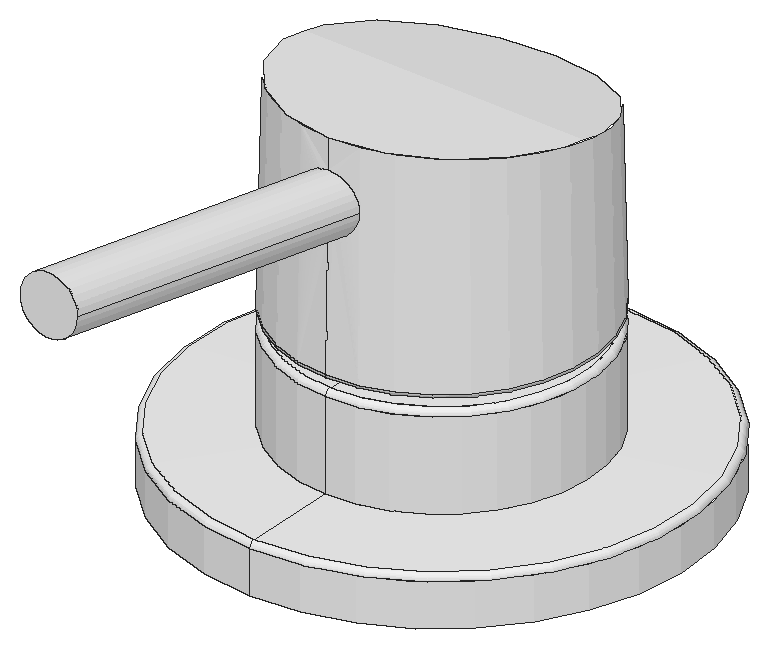
Revit family "Diverter_Trim-GROHE-Concetto_3-29106001", category Plumbing Fixtures, host Face, Revit 2014
Parameters (values of type "29106001")
  Width = 3 1/8"
  Waste Connection = no
  Warranty Information = "Limited Lifetime Warranty"
  WFU = 4
  Vent Connection = no
  URL = "http://www.grohe.com/"
  Type Comments = ""
  Tempered Water Connection Radius = Tempered Water Connection Diameter / 2  # 1/4"
  Tempered Water Connection Diameter = 1/2"
  Product Page URL = "https://www.grohe.ca/en_ca/grohe-concetto-3-way-diverter-trim-shower-head-hand-shower-tub-spout-29106001.html"
  Price = "Prices may vary. Please consult Manufacturer Representative for most up-to-date price list."  # constant formula
  Model = "29106001"
  Material = "Ceramic-Grohe-000-Starlight Chrome"
  Manufacturer = "GROHE"
  Length = 2 5/8"
  Installation Type = "Surface Mounted"
  IAPMO Compliance = "cUPC"
  Height = 4 13/16"
  HWFU = 3
  HW Connection = yes
  Finish = Metal-Grohe-000-Chrome
  Description = "Concetto 3-Way Diverter Trim (Shower head/Hand Shower/Tub Spout)"
  Default Elevation = 0"
  Creation Date = "11/1/2016"
  CWFU = 2
  CW Connection = yes
  Assembly Code = "D2020"
  ADA Compliant = yes
Reference planes (in)
  plane 1 "Center (Front/Back)": y = 0
  plane 2: z = 0
  plane 3 "Center (Left/Right)": x = 0
  plane 4: x = -2.15625
  plane 5: x = 0.96875
  plane 6: z = 2.62243
  plane 7: z = 2.24419
  plane 8: z = 2.43331
Forms (in)
  Revolve 1, solid, material "Metal-Grohe-000-Chrome" <- "Finish"
    sketch origin (0, 0, 0) x (0, 1, 0) y (0, 0, 1)
      loop
        line (1.5748, 0) -> (1.5748, 0.27495)
        arc (1.5748, 0.27495) -> (1.5633, 0.30303) -> (1.5354, 0.31497) r 0.04003
        arc (1.5354, 0.31497) -> (1.24505, 0.32018) -> (0.95472, 0.32677) r 60.83363
        line (0.95472, 0.32677) -> (0.95472, 0.89683)
        arc (0.95472, 0.89683) -> (0.94296, 0.92524) -> (0.91455, 0.93701) r 0.04017
        line (0.91455, 0.93701) -> (0.77437, 0.93701) -> (0.84646, 1.00191) -> (0.93054, 1.00191)
        arc (0.93054, 1.00191) -> (0.94758, 1.00907) -> (0.95439, 1.02625) r 0.02386
        line (0.95439, 1.02625) -> (0.91697, 2.85983) -> (0, 2.85983) -> (0, 0) -> (1.5748, 0)
      axis (0, 2.85983) -> (0, 0)
    angle from 0 to 360
  Extrusion 2, void
    sketch origin (0, 0, 0) x (0, 1, 0) y (0, 0, 1)
      loop
        line (1.07049, 2.03348) -> (1.07049, 3.08261) -> (-1.11716, 3.08261) -> (-1.11716, 2.4202)
        arc (-1.11716, 2.4202) -> (-0.00877, 2.30924) -> (1.07049, 2.03348) r 7.4149
    from -1.14314 to 1.2829
  Extrusion 3, solid, material "Metal-Grohe-000-Chrome" <- "Finish"
    sketch origin (0, -0.50352, -0.51559) x (1, 0, 0) y (0, 0.173495, 0.984835)
      loop
        circle (0, 2.43331) r 0.18912
    from -0.26841 to 3.43997
  Extrusion 4, void
    sketch origin (0, 0, 0) x (0, 1, 0) y (0, 0, 1)
      loop
        line (-3.2257, 2.87243) -> (-3.63433, 2.87243) -> (-3.63433, 1.99651) -> (-3.2257, 1.99651) -> (-3.2257, 2.87243)
    from -0.47732 to 0.60053
Cuts and joins
  Extrusion 2 cuts Revolve 1
  Extrusion 4 cuts Extrusion 3
  joined: Revolve 1, Extrusion 3
Dimensions and locks (in)
  "Width": plane 4 to plane 5
  equal spacing: plane 7, plane 8, plane 6
  aligned and locked: plane 2 to host face
  aligned and locked: level to host face
Automatic sketch dimensions
  host sketch curve to host sketch curve = 96"  (x2)
  Revolve 1 sketch curve to plane 1 "Center (Front/Back)" = 0"  (x2)
  Revolve 1 sketch curve to level = 0"
  Revolve 1 sketch curve to plane 1 "Center (Front/Back)" = 0.77437"
  Revolve 1 sketch curve to Revolve 1 sketch curve = 0.07208"
  Revolve 1 sketch curve to Revolve 1 sketch curve = 0.06809"
  Revolve 1 sketch curve to plane 1 "Center (Front/Back)" = 0.91697"
  Revolve 1 sketch curve to Revolve 1 sketch curve = 0.01599"
  Revolve 1 sketch curve to Revolve 1 sketch curve = 0.02385"
  Revolve 1 sketch curve to Revolve 1 sketch curve = 0.04017"
  level to Revolve 1 sketch curve = 0.27495"
  Revolve 1 sketch curve to Revolve 1 sketch curve = 0.58005"
  Revolve 1 sketch curve to Revolve 1 sketch curve = 0.04003"
  Revolve 1 sketch curve to plane 1 "Center (Front/Back)" = 2.48099"
  level to Revolve 1 sketch curve = 0.32677"
  Revolve 1 sketch curve to Revolve 1 sketch curve = 0.57006"
  Revolve 1 sketch curve to Revolve 1 sketch curve = 0.0649"
  Revolve 1 sketch curve to Revolve 1 sketch curve = 0.02386"
  Revolve 1 sketch curve to Revolve 1 sketch curve = 1.85792"
  Revolve 1 sketch curve to Revolve 1 sketch curve = 58.28142"
  Revolve 1 sketch curve to level = 0.44669"
  Revolve 1 sketch curve to Revolve 1 sketch curve = 1/2"
  plane 1 "Center (Front/Back)" to Extrusion 2 sketch curve = 1.29954"
  Extrusion 2 sketch curve to plane 1 "Center (Front/Back)" = 1.07049"
  Extrusion 2 sketch curve to level = 4.99245"
  level to Extrusion 2 sketch curve = 3.08261"
  plane 1 "Center (Front/Back)" to Extrusion 2 sketch curve = 1.11716"
  Extrusion 2 sketch curve to Extrusion 2 sketch curve = 1.04913"
  Extrusion 3 sketch curve to plane 3 "Center (Left/Right)" = 0"
  Extrusion 4 sketch curve to plane 6 = 1/4"
  plane 1 "Center (Front/Back)" to Extrusion 4 sketch curve = 3.63433"
  Extrusion 4 sketch curve to Extrusion 4 sketch curve = 0.40863"
  plane 7 to Extrusion 4 sketch curve = 0.24768"
  radius of Extrusion 3 sketch curve = 0.18912"
Connectors (in)
  piping at (0, 0, 0), diameter 0.5, driven by "Tempered Water Connection Diameter"
    settings: on cut or joined group of Revolve 1, Extrusion 2, Extrusion 3, Extrusion 4, index 1, connector inside diameter 24", connector length 0", flow factor 0, pipe flow 0 GPM, pressure drop 0.00 psi, fitting loss kfactor 0, connector angle 0.00°, fixture units 0, engagement length 0", angle of deflection 0.00°, flow configuration 0, flow direction 1, fitting loss method 0, system type 29, joint type 0, gender type 0, connector reference index -1, connector utility 0, adjustable connector no, is connector primary yes, connector description "1/2\" NPT Tempered Supply Inlet"
